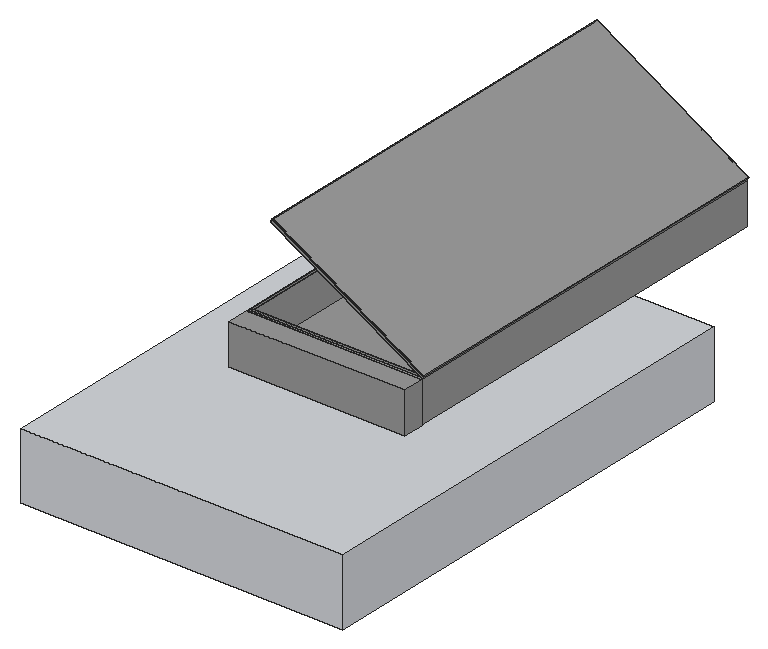
Revit family "Hager-Univers-IP54-D205-H1950-Cl.II-Encl-NL-en", category Equipement électrique, Revit 2020
Family settings
  Hôte = Face
  Configuration du panneau = Deux colonnes, circuits au sein
  Cote de connecteur circulaire = Utiliser le diamètre
  Type d'élément = Tableau de raccordement
  Couper avec des vides une fois chargée = Non
  Partagée = Non
  Point de calcul de pièce = Non
Parameters (values of type "Floor installation IP54 W800 H1950 D205  - FP23SW")
  Width Control [instance] = if([EF000008 - Width] > Min Width, [EF000008 - Width], Min Width)  # 800 mm
  Commentaires du type = [HG000003 - Range]  # "Univers"
  Thickness Door [instance] = if([EF009171 - Material plate thickness door/cover] > 3 mm, 3 mm, [EF009171 - Material plate thickness door/cover])  # 1 mm
  Seal Frame Offset [instance] = 17 mm  # constant formula
  Plinth Visibility [instance] = [HG000027 - Plinth height] > 0 mm  # yes
  Model = ""
  Min Width [instance] = 100 mm  # constant formula
  Min Height [instance] = 100 mm  # constant formula
  Min Depth [instance] = (2 * [EF009170 - Material plate thickness cabinet]) + 1 mm  # 3 mm
  Internal Frame Depth [instance] = (Door System Depth * 0.5)  # 9 mm
  Height Control [instance] = if([EF000040 - Height] > Min Height, [EF000040 - Height], Min Height)  # 1950 mm
  HG000027 - Plinth height = 100 mm
  HG000026 - Floor standing = yes
  HG000024 - Bottom section height = 800 mm
  HG000023 - Double section enclosure = no
  HG000016 - Door 3d visibility [instance] = yes
  HG000015 - Clearance visibility [instance] = no
  HG000014 - Door on the right [instance] = yes
  HG000013 - Door on the left [instance] = not([HG000014 - Door on the right])  # no
  HG000012 - Door swing angle [instance] = 30.00°
  HG000010 - Asymmetric doors = no
  HG000009 - Double swing door = no
  HG000006 - Flush mounted = no
  HG000004 - Manufacturer reference = "FP23SW"
  HG000003 - Range = "Univers"
  HG000002 - With door or cover = yes
  Frame Offset Bottom [instance] = 10 mm  # constant formula
  Frame Offset [instance] = 15 mm  # constant formula
  EF015940 - Cover with overpressure release = no
  EF011959 - Degree of protection (NEMA) = ""
  EF009554 - Number of openings for flange plates = 6
  EF009212 - Cover model = "EV000116 - Closed"
  EF009171 - Material plate thickness door/cover = 1 mm
  EF009170 - Material plate thickness cabinet = 1 mm
  Fabricant = "Hager"  # constant formula
  EF008873 - Nominal current (In) = 400 A
  EF007800 - Suitable for lightning protection = no
  EF006306 - With lock = no
  EF006244 - Transparent cover/door = no
  EF005474 - Degree of protection (IP) = "EV006419 - IP54"
  EF004464 - Type of door = "EV002646 - Single"
  EF004427 - Number of modules = 432
  EF004293 - Impact strength = "EV006815 - IK09"
  EF003532 - Suitable for outdoor use = no
  EF002950 - Width in number of modular spacings = 36
  EF001613 - Circuit integrity = "EV000494 - None"
  EF001596 - Material housing = "EV000179 - Steel"
  EF001131 - Internal depth = 143 mm
  EF001088 - Extension possible = yes
  EF000437 - Number of conduit inlets = 6
  EF000339 - Type of cover = "EV001012 - Cover"
  EF000266 - Number of rows = 12
  EF000218 - Built-in depth = 0 mm
  EF000118 - With mounting plate = no
  EF000116 - RAL-number = "9010"
  EF000049 - Depth = 205 mm
  EF000040 - Height = 1950 mm
  EF000008 - Width = 800 mm
  EF000007 - Colour = "EV000202 - White"
  EF000003 - Mounting method = "EV012274 - Floor installation"
  Door System Leaf Tolerance [instance] = 1.5 mm  # constant formula
  Door System Depth [instance] = 18 mm  # constant formula
  Door Height [instance] = Height Control - [HG000027 - Plinth height]  # 1850 mm
  Depth Control [instance] = if([EF000049 - Depth] > Min Depth, [EF000049 - Depth], Min Depth)  # 205 mm
  Default Elevation = 0 mm
  Connector Offset [instance] = Height Control / 2  # 975 mm
  Bottom Top Plate Trim [instance] = 1.5 mm  # constant formula
  Plinth height Ctrl [instance] = if([HG000027 - Plinth height] > 0 mm, [HG000027 - Plinth height], 12 mm)  # 100 mm
Types (3, lengths in mm): name | Width Control | HG000009 - Double swing door | HG000004 - Manufacturer reference | EF009554 - Number of openings for flange plates | EF004464 - Type of door | EF004427 - Number of modules | EF002950 - Width in number of modular spacings | EF000437 - Number of conduit inlets | EF000008 - Width
  Floor installation IP54 W1050 H1950 D205  - FP24SW | 1050 | yes | "FP24SW" | 8 | "EV003602 - Double" | 576 | 48 | 8 | 1050
  Floor installation IP54 W1300 H1950 D205  - FP25SW | 1300 | yes | "FP25SW" | 10 | "EV003602 - Double" | 720 | 60 | 10 | 1300
  Floor installation IP54 W800 H1950 D205  - FP23SW | 800 | no | "FP23SW" | 6 | "EV002646 - Single" | 432 | 36 | 6 | 800
Reference planes
  plane 1 "Center (Front/Back)": y = 0
  plane 2: z = 0
  plane 3 "Center (Left/Right)": x = 0
  plane 4: z = 205
  plane 5: y = 101
  plane 6: y = 1025
  plane 7: y = 100
  plane 8: y = 1950
  plane 9: z = 0
  plane 10: x = -385
  plane 11: x = 385
  plane 12: x = 384
  plane 13: x = -384
  plane 14: y = 1949
  plane 15: x = -383
  plane 16: x = -400
  plane 17: x = 383
  plane 18: x = 400
  plane 19: x = 399
  plane 20: x = -399
  plane 21: y = 111
  plane 22: y = 1950
  plane 23: y = 1934
  plane 24: z = 187
  plane 25: z = 1
  plane 26: z = 186
  plane 27: z = 204
Forms (mm)
  Extrusion 1, solid
    sketch origin (0, 0, 0) x (1, 0, 0) y (0, 1, 0)
      loop
        line (-702.964, 1305) -> (-702.964, -811.445) -> (766.763, -811.445) -> (766.763, 1305) -> (-702.964, 1305)
    from 0 to -304.8
  Extrusion 2, solid, material "Hager_Steel_RAL7035_Light_Grey", visible <- "Plinth Visibility", detail levels medium+fine
    sketch origin (0, 0, 0) x (1, 0, 0) y (0, 1, 0)
      loop
        line (-400, 0) -> (400, 0) -> (400, 100) -> (-400, 100) -> (-400, 0)
    from 0 to 187
  Extrusion 3, solid, material "Hager_Steel_RAL7035_Light_Grey", detail levels medium+fine
    sketch origin (0, 0, 0) x (1, 0, 0) y (0, 1, 0)
      loop
        line (-400, 100) -> (400, 100) -> (400, 1950) -> (-400, 1950) -> (-400, 100)
    from 0 to 187
  Extrusion 4, void
    sketch origin (0, 0, 0) x (1, 0, 0) y (0, 1, 0)
      loop
        line (-399, 101) -> (399, 101) -> (399, 1949) -> (-399, 1949) -> (-399, 101)
    from 1 to 186
  Extrusion 5, void
    sketch origin (-381.607, -4572, 187) x (0, -1, 0) y (-1, 0, 0)
      loop
        line (-4683, 2.393) -> (-6506, 2.393) -> (-6506, -765.607) -> (-4683, -765.607) -> (-4683, 2.393)
    from 0 to 1 <- "EF009170 - Material plate thickness cabinet"
  Extrusion 6, solid, material "Hager_Steel_RAL7035_Light_Grey", detail levels fine
    sketch origin (0, 0, 187) x (1, 0, 0) y (0, 1, 0)
      loop
        line (-384, 1934) -> (-384, 111) -> (384, 111) -> (384, 1934) -> (-384, 1934)
      loop
        line (-385, 110) -> (385, 110) -> (385, 1935) -> (-385, 1935) -> (-385, 110)
    from 0 to 9 <- "Internal Frame Depth"
  Extrusion 7, solid, material "Hager_Steel_RAL7035_Light_Grey", detail levels coarse
    sketch origin (0, 0, 0) x (1, 0, 0) y (0, 1, 0)
      loop
        line (-400, 0) -> (400, 0) -> (400, 1950) -> (-400, 1950) -> (-400, 0)
    from 0 to 205
  Sweep 8, void
    path in 3D
      loop
        line (-400, 100, 0) -> (400, 100, 0) -> (400, 100, 187) -> (-400, 100, 187) -> (-400, 100, 0)
    profile origin (-400, 100, 93.5) x (-1, 0, 0) y (0, -1, 0)
      loop
        line (0, 0) -> (0, 1.5) -> (-1.5, 1.5)
        arc (-1.5, 1.5) -> (-1.061, 0.439) -> (0, 0) r 1.5
Cuts and joins
  Extrusion 4, Extrusion 5 cuts Extrusion 3
  Sweep 8 cuts Extrusion 2
Lines and regions (mm)
  Masking region 1
    outline origin (0, 0, 0) x (1, 0, 0) y (0, 0, 1)
      loop
        line (-400, 205) -> (-400, 0) -> (400, 0) -> (400, 205) -> (-400, 205)
  Masking region 2, detail levels medium+fine
    outline origin (0, 140, 0) x (0, 1, 0) y (0, 0, 1)
      loop
        line (-40, 0) -> (1810, 0) -> (1810, 187) -> (-40, 187) -> (-40, 0)
  Masking region 3, not visible, detail levels medium+fine
    outline origin (0, 297.922, 0) x (0, 1, 0) y (0, 0, 1)
      loop
        line (738.578, 0) -> (778.578, 0) -> (778.578, 194)
        arc (778.578, 194) -> (775.649, 201.071) -> (768.578, 204) r 10
        line (768.578, 204) -> (738.578, 204) -> (738.578, 0)
  Masking region 4, detail levels coarse
    outline origin (0, 0, 180) x (0, 1, 0) y (0, 0, 1)
      loop
        line (0, -180) -> (1950, -180) -> (1950, 25) -> (0, 25) -> (0, -180)
  Masking region 5, visible <- "Plinth Visibility", detail levels medium+fine
    outline origin (0, 52.24, 12.345) x (0, 0, -1) y (0, 1, 0)
      loop
        line (10.845, 47.76) -> (-173.155, 47.76)
        arc (-173.155, 47.76) -> (-173.594, 46.699) -> (-174.655, 46.26) r 1.5
        line (-174.655, 46.26) -> (-174.655, -52.24) -> (12.345, -52.24) -> (12.345, 46.26)
        arc (12.345, 46.26) -> (11.285, 46.699) -> (10.845, 47.76) r 1.5
  Masking region 6, detail levels medium+fine
    outline origin (-381.607, -4572, 187) x (-1, 0, 0) y (0, -1, 0)
      loop
        line (18.393, -6522) -> (18.393, -4672) -> (-781.607, -4672) -> (-781.607, -6522) -> (18.393, -6522)
  Masking region 7, visible <- "Plinth Visibility", detail levels medium+fine
    outline origin (-381.607, -4727, 187) x (-1, 0, 0) y (0, -1, 0)
      loop
        arc (16.893, -4827) -> (17.332, -4825.939) -> (18.393, -4825.5) r 1.5
        line (18.393, -4825.5) -> (18.393, -4727) -> (-781.607, -4727) -> (-781.607, -4825.5)
        arc (-781.607, -4825.5) -> (-780.546, -4825.939) -> (-780.107, -4827) r 1.5
        line (-780.107, -4827) -> (16.893, -4827)
  Masking region 8, detail levels coarse
    outline origin (-442.548, -4669.526, 187) x (-1, 0, 0) y (0, -1, 0)
      loop
        line (-42.548, -6619.526) -> (-42.548, -4669.526) -> (-842.548, -4669.526) -> (-842.548, -6619.526) -> (-42.548, -6619.526)
  sketch lines
    curve 1: line (-400, 100, 187) -> (-400, 100, 0)
    curve 2: line (400, 100, 187) -> (-400, 100, 187)
    curve 3: line (400, 100, 187) -> (400, 100, 0)
    curve 4: line (-400, 100, 0) -> (400, 100, 0)
Dimensions and locks
  "Depth Control": plane 4 to Extrusion 1
  "HG000027 - Plinth height": plane 1 "Center (Front/Back)" to plane 7
  "EF009170 - Material plate thickness cabinet": plane 5 to plane 7
  locked: connector elem to plane 3 "Center (Left/Right)"
  equal spacing: plane 8, plane 6, plane 7
  locked: connector elem to plane 6
  "EF009170 - Material plate thickness cabinet": plane 8 to plane 14
  "EF009170 - Material plate thickness cabinet": plane 10 to plane 13
  "EF009170 - Material plate thickness cabinet": plane 12 to plane 11
  "Frame Offset": plane 20 to plane 13
  "Frame Offset": plane 12 to plane 19
  "EF009170 - Material plate thickness cabinet": plane 16 to plane 20
  "EF009170 - Material plate thickness cabinet": plane 19 to plane 18
  "Seal Frame Offset": plane 16 to plane 15
  "Seal Frame Offset": plane 17 to plane 18
  "Frame Offset Bottom": plane 21 to plane 5
  "Frame Offset": plane 14 to plane 23
  equal spacing: plane 16, plane 3 "Center (Left/Right)", plane 18
  "Width Control": plane 16 to plane 18
  "EF009170 - Material plate thickness cabinet": plane 4 to plane 27
  "EF009170 - Material plate thickness cabinet": plane 24 to plane 26
  "EF009170 - Material plate thickness cabinet": plane 25 to level
  "Door System Depth": plane 4 to plane 24
  "Height Control": plane 1 "Center (Front/Back)" to Extrusion 7 sketch curve
  "Height Control": Masking region 4 sketch curve to plane 1 "Center (Front/Back)"
  "Height Control": plane 1 "Center (Front/Back)" to plane 22
  "Bottom Top Plate Trim": profile plane to Sweep 8 sketch curve
  "Bottom Top Plate Trim": Sweep 8 sketch curve to profile plane
  "Plinth height Ctrl": plane 1 "Center (Front/Back)" to Extrusion 2 sketch curve
  "Plinth height Ctrl": Masking region 5 sketch curve to plane 1 "Center (Front/Back)"
  "Plinth height Ctrl": plane 1 "Center (Front/Back)" to Masking region 7 sketch curve
  "Thickness Door": Extrusion 6 sketch curve to Extrusion 6 sketch curve  (x3)
  "Thickness Door": cut or joined group of Extrusion 3, Extrusion 4, Extrusion 5 to Extrusion 6 sketch curve
  radius of Masking region 3 sketch curve = 10 mm
  "Bottom Top Plate Trim": radius of Masking region 5 sketch curve  (x2)
  "Bottom Top Plate Trim": radius of Sweep 8 sketch curve
  "Bottom Top Plate Trim": radius of Masking region 7 sketch curve  (x2)
  aligned and locked: plane 2 to Extrusion 1
  aligned and locked: level to Extrusion 1
  aligned and locked: level to Masking region 1 sketch curve
  aligned and locked: Masking region 1 sketch curve to plane 18
  aligned and locked: Masking region 1 sketch curve to plane 16
  aligned and locked: plane 7 to Masking region 2 sketch curve
  aligned and locked: level to Masking region 3 sketch curve
  aligned and locked: Masking region 3 sketch curve to plane 27
  aligned and locked: level to Masking region 2 sketch curve
  aligned and locked: plane 1 "Center (Front/Back)" to Extrusion 2 sketch curve
  aligned and locked: Extrusion 3 sketch curve to plane 7
  aligned and locked: plane 16 to Extrusion 3 sketch curve
  aligned and locked: plane 18 to Extrusion 3 sketch curve
  aligned and locked: plane 20 to Extrusion 4 sketch curve
  aligned and locked: plane 19 to Extrusion 4 sketch curve
  aligned and locked: Extrusion 4 sketch curve to plane 5
  aligned and locked: Extrusion 4 to plane 25
  aligned and locked: plane 26 to Extrusion 4
  aligned and locked: plane 24 to Extrusion 3
  aligned and locked: Extrusion 5 sketch curve to plane 21
  aligned and locked: Extrusion 5 sketch curve to plane 13
  aligned and locked: Extrusion 5 sketch curve to plane 12
  aligned and locked: plane 18 to Extrusion 7 sketch curve
  aligned and locked: plane 1 "Center (Front/Back)" to Extrusion 7 sketch curve
  aligned and locked: plane 16 to Extrusion 7 sketch curve
  aligned and locked: plane 4 to Extrusion 7
  aligned and locked: Extrusion 7 to level
  aligned and locked: level to Masking region 4 sketch curve
  aligned and locked: Masking region 4 sketch curve to plane 1 "Center (Front/Back)"
  aligned and locked: Masking region 4 sketch curve to plane 4
  aligned and locked: nested 1 to level
  aligned and locked: nested 1 to plane 16
  aligned and locked: plane 8 to Extrusion 3 sketch curve
  aligned and locked: plane 23 to Extrusion 5 sketch curve
  aligned and locked: plane 14 to Extrusion 4 sketch curve
  aligned and locked: Masking region 2 sketch curve to plane 8
  aligned and locked: level to Masking region 5 sketch curve
  aligned and locked: plane 16 to Extrusion 2 sketch curve
  aligned and locked: plane 18 to Extrusion 2 sketch curve
  aligned and locked: Masking region 5 sketch curve to plane 24
  aligned and locked: Masking region 2 sketch curve to plane 24
  aligned and locked: plane 24 to Extrusion 2
  aligned and locked: profile plane to Sweep 8 sketch curve  (x2)
  aligned and locked: Masking region 6 sketch curve to plane 18
  aligned and locked: Masking region 6 sketch curve to plane 22
  aligned and locked: Masking region 6 sketch curve to plane 16
  aligned and locked: plane 8 to plane 22
  aligned and locked: Masking region 6 sketch curve to plane 7
  aligned and locked: Masking region 7 sketch curve to plane 16
  aligned and locked: Masking region 7 sketch curve to plane 1 "Center (Front/Back)"
  aligned and locked: Masking region 7 sketch curve to plane 18
  aligned and locked: Masking region 8 sketch curve to plane 1 "Center (Front/Back)"
  aligned and locked: Masking region 8 sketch curve to plane 18
  aligned and locked: Masking region 8 sketch curve to plane 22
  aligned and locked: Masking region 8 sketch curve to plane 16
  aligned and locked: nested 2 to plane 7
  aligned and locked: plane 3 "Center (Left/Right)" to nested 2
  aligned and locked: nested 2 to plane 24
  aligned and locked: Extrusion 6 sketch curve to cut or joined group of Extrusion 3, Extrusion 4, Extrusion 5  (x4)
Automatic sketch dimensions
  Extrusion 1 sketch curve to Extrusion 1 sketch curve = 1469.727 mm
  Extrusion 1 sketch curve to Extrusion 1 sketch curve = 2116.445 mm
  Masking region 1 sketch curve to plane 4 = 0 mm
  plane 6 to Masking region 3 sketch curve = 11.5 mm
  Masking region 3 sketch curve to Masking region 3 sketch curve = 30 mm
  Masking region 5 sketch curve to plane 1 "Center (Front/Back)" = 0 mm
Nested families
  nested 1: "Hager_Enclosure_Symbol" at (-400, 0, 0) x (1, 0, 0) z (0, -1, 0), Height <- "Depth Control", Width <- "Width Control", type "Hager_Enclosure_Symbol"
    with Width_Ctrl 800 mm, Width 800 mm, Height_Ctrl 205 mm, Height 205 mm, A_Width_Int 13.453 mm, A_Width 161.438 mm, A_Height_Ctrl 179.375 mm, A_Height 179.375 mm
  nested 2: "EC000058_Univers_Door" at (0, 100, 187) x (1, 0, 0) z (0, 1, 0), Leaf_Tolerance <- "Door System Leaf Tolerance", Angle <- "HG000012 - Door swing angle", Door_Depth <- "Door System Depth", Door_Left <- "HG000013 - Door on the left", Transparent <- "EF006244 - Transparent cover/door", Assymetrical <- "HG000010 - Asymmetric doors", Width <- "Width Control", Clearance <- "HG000015 - Clearance visibility", Double <- "HG000009 - Double swing door", 3d_Door <- "HG000016 - Door 3d visibility", Lock_Visibility <- "EF006306 - With lock", Width_Ctrl <- "Width Control", Door_Right <- "HG000014 - Door on the right", Door <- "HG000002 - With door or cover", Height <- "Door Height", Thickness <- "Thickness Door", type "EC000058_Univers_Door", detail levels medium+fine
    with min_wh 3 mm, Width_Ctrl 800 mm, Width 800 mm, Transparent no, Thickness 1 mm, Seal_Material Hager_Rubber, Lock_Visibility no, Lock_Material Hager_Plastic_RAL9005_Jet_Black, Leaf_Width 800 mm, Leaf_Tolerance_External_Sides 0 mm, Leaf_Tolerance 1.5 mm, Leaf_Offset 0 mm, Leaf_Height 1847 mm, Leaf_2_Width 800 mm, Leaf_2_Offset 400 mm, Leaf_1_Width 800 mm, Leaf_1_Offset 400 mm, Height_Ctrl 1850 mm, Height 1850 mm, Glass_Material Hager_Glass, Double_Clearance_Ctrl no, Double no, Door_Right_Ctrl yes, Door_Right yes, Door_Material Hager_Steel_RAL7035_Light_Grey, Door_Left_Ctrl no, Door_Left no, Door_Depth 18 mm, Door yes, Clearance_Material Hager_Clearance, Clearance_Depth 800 mm, Clearance_Ctrl no, Clearance no, Assymetrical no, Angle 30.00°, 3d_Door yes
Connectors
  electrical at (0, 1025, 0)
    settings: on plane 9, index 1, voltage 0 V, apparent load 0 VA, apparent load phase1 0 VA, apparent load phase2 0 VA, apparent load phase3 0 VA, power factor 1, load classification "Other", number of poles 1, system type 30, power factor state 1, is connector primary yes, connector utility no, sub classification motor no, connector description ""
Definition of nested family "EC000058_Univers_Door"
  Parameters (values of type "EC000058_Univers_Door")
    min_wh [instance] = (2 * Thickness) + 1 mm  # 11 mm
    Width_Ctrl [instance] = 400 mm
    Width [instance] = 500 mm
    Transparent [instance] = yes
    Thickness [instance] = 5 mm
    Seal_Material [instance] = none
    Lock_Visibility [instance] = yes
    Lock_Material [instance] = none
    Leaf_Width [instance] = if((Width_Ctrl - 2 * Leaf_Tolerance_External_Sides) > 0 mm, (Width_Ctrl - 2 * Leaf_Tolerance_External_Sides), min_wh)  # 400 mm
    Leaf_Tolerance_External_Sides [instance] = 0 mm  # constant formula
    Leaf_Tolerance [instance] = 1.5 mm
    Leaf_Offset [instance] = 0 mm  # constant formula
    Leaf_Height [instance] = if((Height_Ctrl - 2 * Leaf_Tolerance) > 0 mm, (Height_Ctrl - 2 * Leaf_Tolerance), min_wh)  # 497 mm
    Leaf_2_Width [instance] = if(and(and(Double, Assymetrical), Door_Left), (Leaf_Width / 3) - (Leaf_Tolerance / 2), if(and(and(Double, Assymetrical), Door_Right), (Leaf_Width / 3) * 2 - (Leaf_Tolerance / 2), if(and(Double, not(Assymetrical)), (Leaf_Width / 2) - Leaf_Tolerance, Leaf_Width)))  # 400 mm
    Leaf_2_Offset [instance] = if(and(Double, Assymetrical), Leaf_2_Width / 2, if(and(Double, not(Assymetrical)), Leaf_Width / 4, Leaf_Width / 2))  # 200 mm
    Leaf_1_Width [instance] = if(and(and(Double, Assymetrical), Door_Right), (Leaf_Width / 3) - (Leaf_Tolerance / 2), if(and(and(Double, Assymetrical), Door_Left), (Width / 3) * 2 - (Leaf_Tolerance / 2), if(and(Double, not(Assymetrical)), (Leaf_Width / 2) - Leaf_Tolerance, Leaf_Width)))  # 400 mm
    Leaf_1_Offset [instance] = if(and(Double, Assymetrical), Leaf_1_Width / 2, if(and(Double, not(Assymetrical)), Leaf_Width / 4, Leaf_Width / 2))  # 200 mm
    Height_Ctrl [instance] = if(Height > min_wh, Height, min_wh)  # 500 mm
    Height [instance] = 500 mm
    Glass_Material [instance] = none
    Double_Clearance_Ctrl [instance] = and(Double, Clearance)  # no
    Double [instance] = no
    Door_Right_Ctrl [instance] = and(or(Door_Right, Double), Door)  # yes
    Door_Right [instance] = yes
    Door_Material [instance] = none
    Door_Left_Ctrl [instance] = and(or(Door_Left, Double), Door)  # no
    Door_Left [instance] = no
    Door_Depth [instance] = 30 mm
    Door [instance] = yes
    Default Elevation = 1219.2 mm
    Clearance_Material [instance] = none
    Clearance_Depth [instance] = if(Leaf_1_Width > Leaf_2_Width, Leaf_1_Width, Leaf_2_Width)  # 400 mm
    Clearance_Ctrl [instance] = and(not(Double), Clearance)  # yes
    Clearance [instance] = yes
    Assymetrical [instance] = yes
    Angle [instance] = 30.00°
    3d_Door [instance] = yes
  Reference planes
    plane 1 "Center (Front/Back)": y = 0
    plane 2 "Bottom": z = 0
    plane 3 "Center (Left/Right)": x = 0
    plane 4: z = 500
    plane 5: x = -200
    plane 6: x = 200
    plane 7: z = 500
    plane 8: x = -200
    plane 9: z = 0
    plane 10: x = 200
    plane 11: y = 0
    plane 12: z = 1.5
    plane 13: x = -600
    plane 14: y = -400
    plane 15: x = 600
    plane 16: x = 0
    plane 17: x = 0
    plane 18: x = -200
    plane 19: x = 200
    plane 20: z = 498.5
  Forms (mm)
    Extrusion 1, solid, material <- "Clearance_Material", visible <- "Double_Clearance_Ctrl"
      sketch origin (1200, 0, 0) x (1, 0, 0) y (0, 0, -1)
        loop
          line (-1800, -498.5) -> (-600, -498.5) -> (-600, 0) -> (-1800, 0) -> (-1800, -498.5)
      from 0 to -400
  Dimensions and locks
    equal spacing: plane 5, plane 3 "Center (Left/Right)", plane 6
    "Width_Ctrl": plane 5 to plane 6
    "Leaf_Offset": plane 5 to plane 8
    "Leaf_Offset": plane 6 to plane 10
    "Leaf_Offset": plane 9 to level
    "Leaf_Offset": plane 4 to plane 7
    "Height_Ctrl": plane 4 to level
    "Leaf_Tolerance": plane 12 to plane 9
    locked: plane 11 to plane 1 "Center (Front/Back)"
    "Leaf_1_Offset": plane 18 to plane 16
    "Leaf_2_Offset": plane 17 to plane 19
    "Leaf_1_Width": plane 13 to plane 8
    "Leaf_2_Width": plane 10 to plane 15
    "Clearance_Depth": plane 14 to plane 1 "Center (Front/Back)"
    "Leaf_Tolerance_External_Sides": plane 8 to plane 18
    "Leaf_Tolerance_External_Sides": plane 19 to plane 10
    "Leaf_Tolerance": plane 7 to plane 20
    aligned and locked: level to plane 2 "Bottom"
    aligned and locked: nested 1 to plane 16
    aligned and locked: nested 2 to plane 17
    aligned and locked: Extrusion 1 to plane 13
    aligned and locked: plane 15 to Extrusion 1
    aligned and locked: Extrusion 1 to plane 14
    aligned and locked: plane 12 to nested 1
    aligned and locked: nested 2 to plane 12
    aligned and locked: Extrusion 1 to plane 11
    aligned and locked: plane 20 to Extrusion 1
    aligned and locked: nested 2 to plane 11
    aligned and locked: nested 1 to plane 11
  Automatic sketch dimensions
    Extrusion 1 sketch curve to level = 0 mm
    plane 5 to Extrusion 1 sketch curve = 400 mm
    plane 6 to Extrusion 1 sketch curve = 400 mm
    Extrusion 1 sketch curve to plane 4 = 1.5 mm
  Nested families
    nested 1: "EC000058_Univers_Door_Leaf" at (0, 0, 1.5), Width <- "Leaf_1_Width", visible <- "Door_Left_Ctrl", Leaf_Height <- "Leaf_Height", Angle <- "Angle", 3d_Door <- "3d_Door", Transparent <- "Transparent", Clearance Material <- "Clearance_Material", Clearance <- "Clearance_Ctrl", Door_Material <- "Door_Material", Glass_Material <- "Glass_Material", Door_Depth <- "Door_Depth", Lock_Material <- "Lock_Material", Seal_Material <- "Seal_Material", Lock_Visibility <- "Lock_Visibility", Thickness <- "Thickness", type "EC000058_Univers_Door_Leaf"
      with Width 400 mm, Transparent_Glass_Offset 30 mm, Transparent_Ctrl yes, Transparent yes, Thickness 5 mm, Standard no, Seal_Material none, Seal_D2 8 mm, Seal_D1 1 mm, Offset_Internal_Frame 10 mm, Lock_Width 20 mm, Lock_Visibility_3d yes, Lock_Visibility yes, Lock_Thickness_3 3 mm, Lock_Thickness_2 1 mm, Lock_Thickness_1 3 mm, Lock_Radius_Offset_2 16 mm, Lock_Radius_Offset_1 15 mm, Lock_Radius_2 5 mm, Lock_Radius 6 mm, Lock_Offset 5 mm, Lock_Material none, Lock_Height 80 mm, Lock_Cover_Top_Offset_2d 17 mm, Lock_Cover_Height -65 mm, Leaf_Height 497 mm, Internal_Seal_Thickness 8 mm, Internal_Seal_Depth_2 4.5 mm, Internal_Frame_Depth 25 mm, Glass_Thickness -1 mm, Glass_Offset -2 mm, Glass_Material none, Door_Material none, Door_Depth 30 mm, Clearance Material none, Clearance yes, Angle_Ctrl 30.00°, Angle 30.00°, 3d_Door yes
    nested 2: "EC000058_Univers_Door_Leaf" at (0, 0, 1.5) x (-1, 0, 0) z (0, 0, 1), Width <- "Leaf_2_Width", visible <- "Door_Right_Ctrl", Leaf_Height <- "Leaf_Height", Angle <- "Angle", 3d_Door <- "3d_Door", Transparent <- "Transparent", Clearance Material <- "Clearance_Material", Clearance <- "Clearance_Ctrl", Door_Material <- "Door_Material", Glass_Material <- "Glass_Material", Door_Depth <- "Door_Depth", Lock_Material <- "Lock_Material", Seal_Material <- "Seal_Material", Lock_Visibility <- "Lock_Visibility", Thickness <- "Thickness", type "EC000058_Univers_Door_Leaf"
      with Width 400 mm, Transparent_Glass_Offset 30 mm, Transparent_Ctrl yes, Transparent yes, Thickness 5 mm, Standard no, Seal_Material none, Seal_D2 8 mm, Seal_D1 1 mm, Offset_Internal_Frame 10 mm, Lock_Width 20 mm, Lock_Visibility_3d yes, Lock_Visibility yes, Lock_Thickness_3 3 mm, Lock_Thickness_2 1 mm, Lock_Thickness_1 3 mm, Lock_Radius_Offset_2 16 mm, Lock_Radius_Offset_1 15 mm, Lock_Radius_2 5 mm, Lock_Radius 6 mm, Lock_Offset 5 mm, Lock_Material none, Lock_Height 80 mm, Lock_Cover_Top_Offset_2d 17 mm, Lock_Cover_Height -65 mm, Leaf_Height 497 mm, Internal_Seal_Thickness 8 mm, Internal_Seal_Depth_2 4.5 mm, Internal_Frame_Depth 25 mm, Glass_Thickness -1 mm, Glass_Offset -2 mm, Glass_Material none, Door_Material none, Door_Depth 30 mm, Clearance Material none, Clearance yes, Angle_Ctrl 30.00°, Angle 30.00°, 3d_Door yes
  Definition of nested family "EC000058_Univers_Door_Leaf"
    Parameters (values of type "EC000058_Univers_Door_Leaf")
      Width [instance] = 2000 mm
      Transparent_Glass_Offset [instance] = 30 mm
      Transparent_Ctrl [instance] = and(Transparent, [3d_Door])  # yes
      Transparent [instance] = yes
      Thickness [instance] = 5 mm
      Standard [instance] = and(not(Transparent), [3d_Door])  # no
      Seal_Material [instance] = none
      Seal_D2 [instance] = 8 mm  # constant formula
      Seal_D1 [instance] = 1 mm  # constant formula
      Offset_Internal_Frame [instance] = 10 mm  # constant formula
      Lock_Width [instance] = 20 mm  # constant formula
      Lock_Visibility_3d [instance] = and(Lock_Visibility, [3d_Door])  # yes
      Lock_Visibility [instance] = yes
      Lock_Thickness_3 [instance] = 3 mm  # constant formula
      Lock_Thickness_2 [instance] = 1 mm  # constant formula
      Lock_Thickness_1 [instance] = 3 mm  # constant formula
      Lock_Radius_Offset_2 [instance] = Lock_Radius_Offset_1 + 1 mm  # 16 mm
      Lock_Radius_Offset_1 [instance] = 15 mm  # constant formula
      Lock_Radius_2 [instance] = Lock_Radius - 1 mm  # 5 mm
      Lock_Radius [instance] = 6 mm  # constant formula
      Lock_Offset [instance] = 5 mm  # constant formula
      Lock_Material [instance] = none
      Lock_Height [instance] = 80 mm  # constant formula
      Lock_Cover_Top_Offset_2d [instance] = Lock_Radius_Offset_2 + 1 mm  # 17 mm
      Lock_Cover_Height [instance] = -(Lock_Height - Lock_Radius_Offset_1)  # -65 mm
      Leaf_Height [instance] = 2720.336 mm
      Internal_Seal_Thickness [instance] = 8 mm  # constant formula
      Internal_Seal_Depth_2 [instance] = 4.5 mm  # constant formula
      Internal_Frame_Depth [instance] = if(Door_Depth - Thickness > 5 mm, Door_Depth - Thickness, 5 mm)  # 25 mm
      Glass_Thickness [instance] = if(Thickness > 15 mm, Glass_Offset + 10 mm, -1 mm)  # -1 mm
      Glass_Offset [instance] = if(Thickness > 15 mm, -(Thickness + 10 mm) / 2, -2 mm)  # -2 mm
      Glass_Material [instance] = none
      Door_Material [instance] = none
      Door_Depth [instance] = 30 mm
      Default Elevation = 0 mm
      Clearance Material [instance] = none
      Clearance [instance] = yes
      Angle_Ctrl [instance] = if(Angle > 180.00°, 180.00°, Angle)  # 90.00°
      Angle [instance] = 90.00°
      3d_Door [instance] = yes
    Reference planes
      plane 1 "Center (Front/Back)": y = 0
      plane 2: z = 0
      plane 3 "Center (Left/Right)": x = 0
      plane 4: y = 2000
      plane 5: x = -1000
      plane 6: x = 1000
      plane 7: x = -3000
      plane 8: z = 2720.336
      plane 9: z = 30
      plane 10: z = 2690.336
      plane 11: x = 970
      plane 12: x = -970
      plane 13: y = -3
      plane 14: z = 107.833
      plane 15: y = -5
      plane 16: y = -223.314
      plane 17: x = -1000
      plane 18: z = 1360.168
      plane 19: y = 30
    Forms (mm)
      Extrusion 1, solid, material <- "Clearance Material", visible <- "Clearance"
        sketch origin (0, 0, 0) x (1, 0, 0) y (0, 0, 1)
          loop
            line (-3000, 2720.336) -> (-3000, 0) -> (1000, 0) -> (1000, 2720.336) -> (-3000, 2720.336)
        from 0 to -2000
      Extrusion 2, solid, material <- "Door_Material", visible <- "Standard", detail levels medium+fine
        sketch origin (-1000, 0, 0) x (0, 1, 0) y (-1, 0, 0)
          loop
            line (0, 30) -> (0, 25) -> (2000, 25) -> (2000, 30) -> (0, 30)
        from 0 to 2720.336 <- "Leaf_Height"
      Extrusion 3, solid, material <- "Door_Material", visible <- "Transparent_Ctrl", detail levels medium+fine
        sketch origin (-1000, 0, 0) x (0, 1, 0) y (-1, 0, 0)
          loop
            line (0, 25) -> (2000, 25) -> (2000, 30) -> (0, 30) -> (0, 25)
        from 0 to 2720.336 <- "Leaf_Height"
      Extrusion 4, void
        sketch origin (-1025, 2000, 0) x (0, 1, 0) y (0, 0, -1)
          loop
            line (-30, -2690.336) -> (-30, -30) -> (-1970, -30) -> (-1970, -2690.336) -> (-30, -2690.336)
        from 0 to 5 <- "Thickness"
      Sweep 5, solid, material <- "Seal_Material", visible <- "Transparent_Ctrl", detail levels fine
        path in 3D
          loop
            line (-1025, 30, 30) -> (-1025, 30, 2690.336) -> (-1025, 1970, 2690.336) -> (-1025, 1970, 30) -> (-1025, 30, 30)
        profile origin (-1025, 1000, 30) x (1, 0, 0) y (0, 0, 1)
          loop
            line (0, 0) -> (0, -8) -> (1, -8) -> (1, 0) -> (0, 0)
      Extrusion 6, solid, material <- "Glass_Material", visible <- "Transparent_Ctrl", detail levels medium+fine
        sketch origin (-1030, 0, 0) x (0, 1, 0) y (0, 0, -1)
          loop
            line (1970, -2690.336) -> (1970, -30) -> (30, -30) -> (30, -2690.336) -> (1970, -2690.336)
        from -2 <- "Glass_Offset" to -1 <- "Glass_Thickness"
      Extrusion 7, solid, material <- "Door_Material", visible <- "3d_Door", detail levels medium+fine
        sketch origin (-1025, 2000, 0) x (0, -1, 0) y (0, 0, -1)
          loop
            line (0, -2720.336) -> (2000, -2720.336) -> (2000, 0) -> (0, 0) -> (0, -2720.336)
          loop
            line (1995, -5) -> (5, -5) -> (5, -2715.336) -> (1995, -2715.336) -> (1995, -5)
        from 0 to 25 <- "Internal_Frame_Depth"
      Sweep 8, solid, material <- "Seal_Material", visible <- "Transparent_Ctrl", detail levels fine
        path in 3D
          loop
            line (-1025, 0, 0) -> (-1025, 2000, 0) -> (-1025, 2000, 2720.336) -> (-1025, 0, 2720.336) -> (-1025, 0, 0)
        profile origin (-1025, 0, 1360.168) x (1, 0, 0) y (0, 1, 0)
          loop
            line (0, 10) -> (2.975, 10)
            arc (2.975, 10) -> (4.053, 10.447) -> (4.5, 11.525) r 1.525
            line (4.5, 11.525) -> (4.5, 16.527)
            arc (4.5, 16.527) -> (4.069, 17.569) -> (3.027, 18) r 1.473
            line (3.027, 18) -> (0, 18) -> (0, 10)
      Extrusion 9, solid, material <- "Lock_Material", visible <- "Lock_Visibility_3d", detail levels fine
        sketch origin (-1030, 0, 0) x (0, 1, 0) y (0, 0, -1)
          loop
            arc (1993.5, -1400.168) -> (1994.561, -1399.729) -> (1995, -1398.668) r 1.5
            line (1995, -1398.668) -> (1995, -1320.168) -> (1975, -1320.168) -> (1975, -1398.668)
            arc (1975, -1398.668) -> (1975.439, -1399.729) -> (1976.5, -1400.168) r 1.5
            line (1976.5, -1400.168) -> (1993.5, -1400.168)
        from 3 <- "Lock_Thickness_1" to 0
      Blend 10, solid, material <- "Lock_Material", visible <- "Lock_Visibility_3d", detail levels fine
        base sketch origin (-1033, 0, 0) x (0, 1, 0) y (0, 0, -1)
          loop
            line (1975, -1320.168) -> (1975, -1398.668)
            arc (1975, -1398.668) -> (1975.439, -1399.729) -> (1976.5, -1400.168) r 1.5
            line (1976.5, -1400.168) -> (1993.5, -1400.168)
            arc (1993.5, -1400.168) -> (1994.561, -1399.729) -> (1995, -1398.668) r 1.5
            line (1995, -1398.668) -> (1995, -1320.168) -> (1975, -1320.168)
        top sketch origin (-1033, 0, 0) x (0, 1, 0) y (0, 0, -1)
          loop
            line (1976, -1320.168) -> (1976, -1398.668)
            arc (1976, -1398.668) -> (1976.146, -1399.022) -> (1976.5, -1399.168) r 0.5
            line (1976.5, -1399.168) -> (1993.5, -1399.168)
            arc (1993.5, -1399.168) -> (1993.854, -1399.022) -> (1994, -1398.668) r 0.5
            line (1994, -1398.668) -> (1994, -1320.168) -> (1976, -1320.168)
        from 0 to 1 <- "Lock_Thickness_2"
      Blend 11, solid, material <- "Lock_Material", visible <- "Lock_Visibility_3d", detail levels fine
        base sketch origin (-1034, 0, 0) x (0, 1, 0) y (0, 0, -1)
          loop
            line (1978, -1320.168) -> (1978, -1384.168)
            arc (1978, -1384.168) -> (1985, -1391.168) -> (1992, -1384.168) r 7
            line (1992, -1384.168) -> (1992, -1320.168) -> (1978, -1320.168)
        top sketch origin (-1034, 0, 0) x (0, 1, 0) y (0, 0, -1)
          loop
            line (1991, -1320.168) -> (1979, -1320.168) -> (1979, -1383.168)
            arc (1979, -1383.168) -> (1985, -1389.168) -> (1991, -1383.168) r 6
            line (1991, -1383.168) -> (1991, -1320.168)
        from 0 to 3 <- "Lock_Thickness_3"
      Extrusion 12, solid, material <- "Lock_Material", visible <- "Lock_Visibility_3d", detail levels fine
        sketch origin (-1030, 1975, 1320.168) x (1, 0, 0) y (0, -1, 0)
          loop
            line (-7, -19) -> (-7, -1) -> (0, -1) -> (0, 0) -> (-8, 0) -> (-8, -20) -> (0, -20) -> (0, -19) -> (-7, -19)
        from 0 to -65 <- "Lock_Cover_Height"
      Extrusion 13, void
        sketch origin (-1038, 1995, 1320.168) x (-1, 0, 0) y (0, 0, -1)
          loop
            line (-5, -65) -> (0, -65) -> (-5, -60) -> (-5, -65)
        from 0 to 20 <- "Lock_Width"
      Extrusion 14, void
        sketch origin (-1038, 1975, 1320.168) x (0, -1, 0) y (0, 0, -1)
          loop
            circle (-10, -15.995) r 6
          loop
            circle (-10, -15.995) r 5
        from 0 to 2
      Extrusion 15, solid, material <- "Lock_Material", visible <- "Lock_Visibility_3d", detail levels medium
        sketch origin (-1030, 0, 0) x (0, 1, 0) y (0, 0, -1)
          loop
            arc (1993.5, -1400.168) -> (1994.561, -1399.729) -> (1995, -1398.668) r 1.5
            line (1995, -1398.668) -> (1995, -1320.168) -> (1975, -1320.168) -> (1975, -1398.668)
            arc (1975, -1398.668) -> (1975.439, -1399.729) -> (1976.5, -1400.168) r 1.5
            line (1976.5, -1400.168) -> (1993.5, -1400.168)
        from 8 to 0
    Cuts and joins
      Extrusion 4 cuts Extrusion 3
      Extrusion 13, Extrusion 14 cuts Extrusion 9
      Extrusion 14 cuts Blend 11
      Extrusion 13, Extrusion 14 cuts Extrusion 12
      joined: Extrusion 9, Blend 10, Blend 11, Extrusion 12
      Extrusion 14 cuts Extrusion 15
    Lines and regions (mm)
      Masking region 1, visible <- "Lock_Visibility", detail levels fine
        outline origin (0, 0, 0) x (0, 1, 0) y (0, 0, 1)
          loop
            line (30, 1320.168) -> (33, 1320.168) -> (33, 1400.168) -> (30, 1400.168) -> (30, 1320.168)
      Masking region 2, visible <- "Lock_Visibility", detail levels fine
        outline origin (0, 3.143, 0) x (0, 1, 0) y (0, 0, 1)
          loop
            line (29.857, 1354.168) -> (30.857, 1354.168) -> (30.857, 1366.168) -> (29.857, 1366.168) -> (29.857, 1354.168)
      Masking region 3, detail levels medium+fine
        outline origin (0, 0, 0) x (0, 1, 0) y (0, 0, 1)
          loop
            line (0, 0) -> (30, 0) -> (30, 2720.336) -> (0, 2720.336) -> (0, 0)
      Masking region 4, detail levels medium+fine
        outline origin (0, 0, 0) x (1, 0, 0) y (0, 0, 1)
          loop
            line (-1000, 2720.336) -> (-1000, 0) -> (1000, 0) -> (1000, 2720.336) -> (-1000, 2720.336)
      Masking region 5, visible <- "Lock_Visibility", detail levels fine
        outline origin (-47.116, 0, 0) x (1, 0, 0) y (0, 0, 1)
          loop
            arc (1024.616, 1399.168) -> (1023.556, 1398.729) -> (1023.116, 1397.668) r 1.5
            line (1023.116, 1397.668) -> (1023.116, 1320.168) -> (1041.116, 1320.168) -> (1041.116, 1397.668)
            arc (1041.116, 1397.668) -> (1040.677, 1398.729) -> (1039.616, 1399.168) r 1.5
            line (1039.616, 1399.168) -> (1024.616, 1399.168)
      Masking region 6, visible <- "Lock_Visibility", detail levels medium+fine
        outline origin (-25, 0, 0) x (1, 0, 0) y (0, 0, 1)
          loop
            arc (1001.5, 1400.168) -> (1000.439, 1399.729) -> (1000, 1398.668) r 1.5
            line (1000, 1398.668) -> (1000, 1320.168) -> (1020, 1320.168) -> (1020, 1398.668)
            arc (1020, 1398.668) -> (1019.561, 1399.729) -> (1018.5, 1400.168) r 1.5
            line (1018.5, 1400.168) -> (1001.5, 1400.168)
      Masking region 7, visible <- "Lock_Visibility", detail levels fine
        outline origin (-73.735, 0, 0) x (1, 0, 0) y (0, 0, 1)
          loop
            line (1051.735, 1382.168) -> (1065.735, 1382.168) -> (1065.735, 1384.168)
            arc (1065.735, 1384.168) -> (1058.735, 1391.168) -> (1051.735, 1384.168) r 7
            line (1051.735, 1384.168) -> (1051.735, 1382.168)
      Masking region 8, visible <- "Lock_Visibility", detail levels fine
        outline origin (-73.735, 0, 0) x (1, 0, 0) y (0, 0, 1)
          loop
            line (1052.735, 1382.168) -> (1064.735, 1382.168) -> (1064.735, 1383.168)
            arc (1064.735, 1383.168) -> (1058.735, 1389.168) -> (1052.735, 1383.168) r 6
            line (1052.735, 1383.168) -> (1052.735, 1382.168)
      Masking region 9, visible <- "Lock_Visibility", detail levels fine
        outline origin (-25, 0, 0) x (1, 0, 0) y (0, 0, 1)
          loop
            line (1020, 1320.168) -> (1020, 1382.168) -> (1000, 1382.168) -> (1000, 1320.168) -> (1020, 1320.168)
      Masking region 10, detail levels medium+fine
        outline origin (0, 0, 0) x (1, 0, 0) y (0, 0, 1)
          loop
            circle (985, 1335.144) r 6
      Masking region 11, detail levels fine
        outline origin (0, 0, 0) x (1, 0, 0) y (0, 0, 1)
          loop
            circle (985, 1335.144) r 5
      Masking region 12, visible <- "Lock_Visibility", detail levels fine
        outline origin (0, 12.767, 0) x (0, 1, 0) y (0, 0, 1)
          loop
            line (20.233, 1320.168) -> (21.233, 1320.168) -> (21.233, 1399.168) -> (20.233, 1400.168) -> (20.233, 1320.168)
      Masking region 13, visible <- "Lock_Visibility", detail levels fine
        outline origin (0, 13.767, -10) x (0, 1, 0) y (0, 0, 1)
          loop
            line (20.233, 1330.168) -> (23.233, 1330.168) -> (23.233, 1399.168) -> (20.233, 1402.168) -> (20.233, 1330.168)
      Masking region 14, visible <- "Lock_Visibility", detail levels fine
        outline origin (0, 12.767, -10) x (0, 1, 0) y (0, 0, 1)
          loop
            line (20.233, 1330.168) -> (25.233, 1330.168) -> (25.233, 1399.305) -> (20.233, 1394.305) -> (20.233, 1330.168)
      Masking region 15, visible <- "Lock_Visibility", detail levels medium
        outline origin (0, 0, 0) x (0, 1, 0) y (0, 0, 1)
          loop
            line (30, 1320.168) -> (38, 1320.168) -> (38, 1400.168) -> (30, 1400.168) -> (30, 1320.168)
      Masking region 16, visible <- "Lock_Visibility", detail levels fine
        outline origin (-1000, 0, 0) x (0, 1, 0) y (-1, 0, 0)
          loop
            line (1975, 30) -> (1995, 30) -> (1995, 38) -> (1975, 38) -> (1975, 30)
          loop
            line (1979, 37) -> (1976, 37) -> (1976, 34) -> (1978, 34) -> (1979, 37)
          loop
            line (1994, 37) -> (1991, 37) -> (1992, 34) -> (1994, 34) -> (1994, 37)
      Masking region 17, visible <- "Lock_Visibility", detail levels medium
        outline origin (-1000, 0, 0) x (0, 1, 0) y (-1, 0, 0)
          loop
            line (1975, 30) -> (1995, 30) -> (1995, 38) -> (1975, 38) -> (1975, 30)
      symbolic lines
        curve 1: line (1000, 0, 0) -> (-3000, 0, 0)
        curve 2: arc (1000, 0, 0) -> (-1000, 2000, 0) -> (-3000, 0, 0) r 2000
        curve 4: line (-1030, 0, 0) -> (-1030, 2000, 0)
      reference lines
        curve 3: line (-1000, 0, 0) -> (-1000, 2000, 0)
      symbolic lines, detail levels medium+fine
        curve 5: line (-1030, 2000, 0) -> (-1025, 2000, 0)
        curve 7: line (-1025, 0, 0) -> (-1030, 0, 0)
        curve 8: line (-1025, 0, 0) -> (-1000, 0, 0)
        curve 9: line (-1000, 0, 0) -> (-1000, 2000, 0)
        curve 10: line (-1000, 2000, 0) -> (-1025, 2000, 0)
      symbolic lines, detail levels fine
        curve 6: line (-1025, 2000, 0) -> (-1025, 0, 0)
      sketch lines
        curve 11: line (-1025, 0, 2720.336) -> (-1025, 0, 0)
        curve 12: line (-1025, 2000, 0) -> (-1025, 0, 0)
        curve 13: line (-1025, 2000, 2720.336) -> (-1025, 2000, 0)
        curve 14: line (-1025, 0, 2720.336) -> (-1025, 2000, 2720.336)
        curve 15: line (-1025, 1970, 30) -> (-1025, 30, 30)
        curve 16: line (-1025, 30, 30) -> (-1025, 30, 2690.336)
        curve 17: line (-1025, 1970, 2690.336) -> (-1025, 1970, 30)
        curve 18: line (-1025, 30, 2690.336) -> (-1025, 1970, 2690.336)
      symbolic lines, visible <- "Transparent", detail levels medium+fine
        curve 19: line (-970, 0, 2690.336) -> (970, 0, 2690.336)
        curve 20: line (-970, 0, 30) -> (-970, 0, 2690.336)
        curve 21: line (970, 0, 30) -> (-970, 0, 30)
        curve 22: line (970, 0, 2690.336) -> (970, 0, 30)
    Dimensions and locks
      "Width": plane 1 "Center (Front/Back)" to plane 4
      equal spacing: plane 5, plane 3 "Center (Left/Right)", plane 6
      "Width": plane 5 to plane 6
      "Width": plane 7 to plane 5
      "Leaf_Height": plane 8 to level
      "Width": curve 5 to curve 3
      "Width": curve 3 to curve 3
      plane 8 to plane 10 = 30 mm
      plane 9 to level = 30 mm
      plane 12 to plane 5 = 30 mm
      plane 6 to plane 11 = 30 mm
      Extrusion 1 to Extrusion 4 sketch curve = 30 mm
      "Transparent_Glass_Offset": curve 3 to Extrusion 4 sketch curve
      "Transparent_Glass_Offset": Extrusion 4 sketch curve to cut or joined group of Extrusion 3, Extrusion 4  (x2)
      cut or joined group of Extrusion 3, Extrusion 4 to Extrusion 6 sketch curve = 30 mm
      "Transparent_Glass_Offset": cut or joined group of Extrusion 3, Extrusion 4 to Extrusion 4 sketch curve
      "Thickness": curve 6 to curve 4
      "Thickness": Extrusion 7 sketch curve to Extrusion 7 sketch curve  (x4)
      "Door_Depth": curve 4 to curve 3
      "Offset_Internal_Frame": profile plane to Sweep 8 sketch curve
      "Internal_Seal_Thickness": Sweep 8 sketch curve to Sweep 8 sketch curve
      "Internal_Seal_Depth_2": profile plane to Sweep 8 sketch curve
      "Seal_D1": profile plane to Sweep 5 sketch curve
      "Seal_D2": profile plane to Sweep 5 sketch curve
      "Thickness": Extrusion 2 sketch curve to Extrusion 2 sketch curve
      equal spacing: Extrusion 9 sketch curve, plane 18, Extrusion 9 sketch curve  (x2)
      equal spacing: Masking region 1 sketch curve, plane 18, Masking region 1 sketch curve
      "Lock_Height": Masking region 1 sketch curve to Masking region 1 sketch curve
      "Lock_Radius": Masking region 2 sketch curve to plane 18 to Masking region 2 sketch curve
      Masking region 2 sketch curve to Masking region 1 = 1 mm
      "Door_Depth": plane 19 to plane 1 "Center (Front/Back)"
      "Lock_Thickness_1": Masking region 1 sketch curve to plane 19
      "Lock_Width": Extrusion 9 sketch curve to Extrusion 9 sketch curve
      "Lock_Height": Extrusion 9 sketch curve to Extrusion 9 sketch curve
      "Lock_Offset": cut or joined group of Extrusion 3, Extrusion 4 to Extrusion 9 sketch curve
      equal spacing: plane 8, plane 18, level
      "Lock_Radius_Offset_1": Blend 11 sketch curve to Blend 10
      locked: Blend 10 to Blend 11 sketch curve at 2  (x2)
      locked: var sketch to Blend 11 sketch curve at 1  (x2)
      "Lock_Radius_Offset_2": Blend 11 sketch curve to Blend 10
      locked: Extrusion 12 sketch curve to Extrusion 12 sketch curve at 1  (x3)
      Masking region 6 sketch curve to Masking region 6 sketch curve = 80 mm
      "Lock_Height": Masking region 6 sketch curve to Masking region 6 sketch curve
      "Lock_Width": Masking region 6 sketch curve to Masking region 6 sketch curve
      locked: Masking region 6 to Masking region 5 sketch curve at 1  (x3)
      locked: Masking region 5 to Masking region 7 sketch curve at 2  (x2)
      "Lock_Radius_Offset_1": Masking region 5 to Masking region 7 sketch curve
      "Lock_Radius_Offset_2": Masking region 5 to Masking region 8 sketch curve
      locked: Masking region 7 to Masking region 8 sketch curve at 1  (x2)
      "Lock_Cover_Top_Offset_2d": Masking region 5 to Masking region 9 sketch curve
      equal spacing: Masking region 9, Masking region 10 sketch curve, Masking region 9
      equal spacing: Masking region 9, Masking region 11 sketch curve, Masking region 9
      Extrusion 15 sketch curve to Extrusion 15 sketch curve = 80 mm
      "Lock_Width": Extrusion 15 sketch curve to Extrusion 15 sketch curve
      "Lock_Height": Extrusion 15 sketch curve to Extrusion 15 sketch curve
      equal spacing: Extrusion 15 sketch curve, plane 18, Extrusion 15 sketch curve
      "Lock_Thickness_3": Masking region 13 sketch curve to Masking region 13 sketch curve
      "Lock_Height": Masking region 12 sketch curve to Masking region 12 sketch curve
      locked: Masking region 13 sketch curve to Masking region 1 at 8
      locked: Masking region 14 sketch curve to Masking region 13 at 1
      locked: Masking region 14 sketch curve to Masking region 1 at 10.863
      "Lock_Height": Masking region 15 sketch curve to Masking region 15 sketch curve
      "Lock_Offset": Extrusion 15 sketch curve to cut or joined group of Extrusion 3, Extrusion 4
      "Lock_Offset": plane 6 to Masking region 6 sketch curve
      radius of Sweep 8 sketch curve = 1.525 mm
      radius of Sweep 8 sketch curve = 1.473 mm
      radius of Extrusion 9 sketch curve = 1.5 mm  (x2)
      "Lock_Radius": radius of Extrusion 14 sketch curve
      "Lock_Radius_2": radius of Extrusion 14 sketch curve
      "Lock_Radius": radius of Masking region 10 sketch curve
      "Lock_Radius_2": radius of Masking region 11 sketch curve
      radius of Extrusion 15 sketch curve = 1.5 mm  (x2)
      "Angle_Ctrl": angle plane 1 "Center (Front/Back)" to curve 3
      locked: Masking region 12 sketch curve to Masking region 12 sketch curve (angle 45.00°)
      locked: Masking region 13 sketch curve to Masking region 13 sketch curve (angle 45.00°)
      locked: Masking region 14 sketch curve to Masking region 14 sketch curve (angle 45.00°)
      aligned and locked: level to plane 2
      aligned and locked: Extrusion 1 to curve 1
      aligned and locked: plane 6 to Extrusion 1
      aligned and locked: Extrusion 1 to plane 1 "Center (Front/Back)"
      aligned and locked: plane 4 to Extrusion 1
      aligned and locked: plane 8 to Extrusion 1
      aligned and locked: curve 7 to Extrusion 2 sketch curve
      aligned and locked: curve 5 to Extrusion 2 sketch curve
      aligned and locked: curve 7 to Extrusion 3 sketch curve
      aligned and locked: Extrusion 3 sketch curve to curve 4
      aligned and locked: Extrusion 3 sketch curve to curve 6
      aligned and locked: Extrusion 3 sketch curve to curve 5
      aligned and locked: curve 9 to curve 3
      aligned and locked: Extrusion 7 sketch curve to cut or joined group of Extrusion 3, Extrusion 4  (x4)
      aligned and locked: plane 17 to curve 3
      aligned and locked: plane 1 "Center (Front/Back)" to curve 3
      aligned and locked: plane 17 to plane 5
      aligned and locked: Sweep 8 sketch curve to profile plane
      aligned and locked: Sweep 5 sketch curve to profile plane  (x2)
      aligned and locked: Masking region 1 to Masking region 2 sketch curve
      aligned and locked: plane 19 to Masking region 1 sketch curve
      aligned and locked: plane 1 "Center (Front/Back)" to Masking region 3 sketch curve
      aligned and locked: plane 19 to Masking region 3 sketch curve
      aligned and locked: level to Masking region 3 sketch curve
      aligned and locked: Masking region 3 sketch curve to plane 8
      aligned and locked: plane 17 to Masking region 4 sketch curve
      aligned and locked: level to Masking region 4 sketch curve
      aligned and locked: Masking region 4 sketch curve to plane 8
      aligned and locked: plane 12 to curve 20
      aligned and locked: plane 10 to curve 19
      aligned and locked: plane 11 to curve 22
      aligned and locked: curve 21 to plane 9
      aligned and locked: Extrusion 2 sketch curve to cut or joined group of Extrusion 3, Extrusion 4
      aligned and locked: Blend 10 sketch curve to Extrusion 9  (x4)
      aligned and locked: Extrusion 9 to Blend 10 sketch curve
      aligned and locked: Blend 10 to Blend 11 sketch curve
      aligned and locked: Extrusion 12 sketch curve to Blend 11
      aligned and locked: Extrusion 12 sketch curve to Extrusion 9  (x4)
      aligned and locked: Masking region 5 sketch curve to Masking region 6
      aligned and locked: Masking region 9 sketch curve to Masking region 6  (x3)
      aligned and locked: Masking region 12 sketch curve to Masking region 1
      aligned and locked: Masking region 13 sketch curve to Masking region 1
      aligned and locked: Masking region 12 to Masking region 14
      aligned and locked: Masking region 14 sketch curve to Masking region 1
      aligned and locked: Masking region 15 sketch curve to Masking region 14
      aligned and locked: Masking region 13 sketch curve to Masking region 12
      aligned and locked: Masking region 16 sketch curve to cut or joined group of Extrusion 14, Extrusion 15  (x4)
      aligned and locked: Masking region 16 sketch curve to cut or joined group of Extrusion 9, Blend 10, Blend 11, Extrusion 12, Extrusion 13, Extrusion 14  (x6)
      aligned and locked: cut or joined group of Extrusion 9, Blend 10, Blend 11, Extrusion 12, Extrusion 13, Extrusion 14 to Masking region 16 sketch curve
      aligned and locked: Masking region 17 sketch curve to cut or joined group of Extrusion 14, Extrusion 15  (x3)
      aligned and locked: Masking region 17 sketch curve to cut or joined group of Extrusion 9, Blend 10, Blend 11, Extrusion 12, Extrusion 13, Extrusion 14
      aligned and locked: Masking region 9 to Masking region 8 sketch curve
      aligned and locked: Masking region 9 to Masking region 7 sketch curve
    Automatic sketch dimensions
      plane 1 "Center (Front/Back)" to curve 2 = 0 mm
      curve 2 to plane 5 = 0 mm
      Extrusion 1 sketch curve to level = 0 mm
      Extrusion 1 sketch curve to plane 7 = 0 mm
      Extrusion 1 sketch curve to plane 6 = 0 mm
      Extrusion 1 sketch curve to plane 8 = 0 mm
      Extrusion 3 to Extrusion 6 sketch curve = 30 mm  (x4)
      Masking region 4 sketch curve to plane 6 = 0 mm
      Blend 10 sketch curve to Extrusion 9 = 1.5 mm
      Blend 10 sketch curve to Extrusion 9 = 1 mm
      Extrusion 13 sketch curve to Extrusion 12 = 0 mm  (x2)
      Extrusion 12 to Extrusion 13 sketch curve = 3 mm
      Extrusion 13 sketch curve to Extrusion 12 = 5 mm
      Extrusion 14 sketch curve to Extrusion 14 sketch curve = 0 mm  (x2)
      Extrusion 14 sketch curve to Extrusion 12 = 10 mm
      Extrusion 14 sketch curve to Extrusion 12 = 15.995 mm
      Masking region 5 sketch curve to Masking region 5 sketch curve = 1.5 mm  (x2)
      Masking region 10 sketch curve to plane 18 = 25.024 mm
      Masking region 11 sketch curve to plane 18 = 25.024 mm
      plane 19 to Masking region 14 sketch curve = 3 mm
      Masking region 16 sketch curve to Masking region 16 sketch curve = 3 mm
      curve 4 to curve 3 = 0 mm
      Blend 10 to Blend 11 sketch curve = 0 mm
      Masking region 6 sketch curve to Masking region 6 sketch curve = 1.5 mm  (x2)
      Masking region 6 sketch curve to plane 18 = 40 mm
      plane 19 to Masking region 12 sketch curve = 3 mm
      Masking region 12 sketch curve to Masking region 12 sketch curve = 1 mm
      Masking region 15 sketch curve to plane 19 = 0 mm
      Masking region 15 sketch curve to plane 18 = 40 mm
      radius of Blend 10 sketch curve to Extrusion 9 = 1 mm
Definition of nested family "Hager_Enclosure_Symbol"
  Parameters (values of type "Hager_Enclosure_Symbol")
    Width_Ctrl [instance] = if(Width > 1 mm, Width, 1 mm)  # 102.27 mm
    Width [instance] = 102.27 mm
    Height_Ctrl [instance] = if(Height > 1 mm, Height, 1 mm)  # 66.5 mm
    A_Width_Int [instance] = if(A_Width / 12 > 2 mm, A_Width / 12, 2 mm)  # 4.364 mm
    A_Width [instance] = if(A_Height_Ctrl * 0.9 > 2 mm, A_Height_Ctrl * 0.9, 2 mm)  # 52.369 mm
    A_Height_Ctrl [instance] = if(A_Height > 2 mm, A_Height, 2 mm)  # 58.188 mm
    Height [instance] = 66.5 mm
    A_Height [instance] = Height - (Height / 8)  # 58.188 mm
  Reference planes
    plane 1 "Centre (avant/arrière)": y = 0
    plane 2: z = 0
    plane 3 "Centre (gauche/droite)": x = 0
    plane 4: x = 52.369
    plane 5: y = 33.042
    plane 6: y = 41.77
    plane 7: y = 66.5
    plane 8: x = 26.184
    plane 9: y = 37.406
    plane 10: x = 102.27
    plane 11: y = 66.5
    plane 12: y = 8.313
  Lines and regions (mm)
    Filled region 1, type "Solid_Black", in view "Niveau de réf."
      outline origin (0, 0, 0) x (1, 0, 0) y (0, 1, 0)
        loop
          line (52.369, 66.5) -> (33.188, 54.536) -> (45.365, 45.006) -> (52.369, 66.5)
    Filled region 2, type "Solid_Black", in view "Niveau de réf."
      outline origin (0, 0, 0) x (1, 0, 0) y (0, 1, 0)
        loop
          line (0, 0) -> (102.27, 0) -> (102.27, 66.5) -> (0, 0)
    detail lines, in view "Niveau de réf."
      curve 1: line (0, 8.313, 0) -> (26.184, 41.77, 0)
      curve 2: line (26.184, 41.77, 0) -> (26.184, 33.042, 0)
      curve 3: line (26.184, 33.042, 0) -> (52.369, 66.5, 0)
  Dimensions and locks
    "A_Width": plane 3 "Centre (gauche/droite)" to plane 4
    equal spacing: plane 3 "Centre (gauche/droite)", plane 8, plane 4
    equal spacing: plane 6, plane 9, plane 5
    equal spacing: curve 3, Filled region 1 sketch curve, Filled region 1 sketch curve
    "Height_Ctrl": plane 1 "Centre (avant/arrière)" to plane 11
    "A_Height_Ctrl": plane 11 to plane 12
    equal spacing: plane 11, plane 9, plane 12
    "A_Width_Int": plane 6 to plane 9
    "Width_Ctrl": plane 3 "Centre (gauche/droite)" to plane 10
    angle Filled region 1 sketch curve to curve 3 = 20.00°
    angle curve 3 to Filled region 1 sketch curve = 20.00°
    locked: curve 3 to Filled region 1 sketch curve (angle 90.00°)
    aligned and locked: plane 10 to Filled region 2
    aligned and locked: plane 11 to Filled region 2 sketch curve
    aligned and locked: plane 10 to Filled region 2 sketch curve
    aligned and locked: plane 3 "Centre (gauche/droite)" to curve 1
    aligned and locked: plane 12 to curve 1
    aligned and locked: plane 7 to plane 11
  Automatic sketch dimensions
    Filled region 1 sketch curve to plane 4 = 0 mm
    Filled region 1 sketch curve to plane 7 = 0 mm
    plane 1 "Centre (avant/arrière)" to Filled region 2 sketch curve = 0 mm
    Filled region 2 sketch curve to plane 3 "Centre (gauche/droite)" = 0 mm
    curve 2 to plane 6 = 0 mm
    curve 2 to plane 8 = 0 mm
    curve 3 to plane 4 = 0 mm
    curve 2 to plane 5 = 0 mm
    curve 3 to plane 7 = 0 mm
